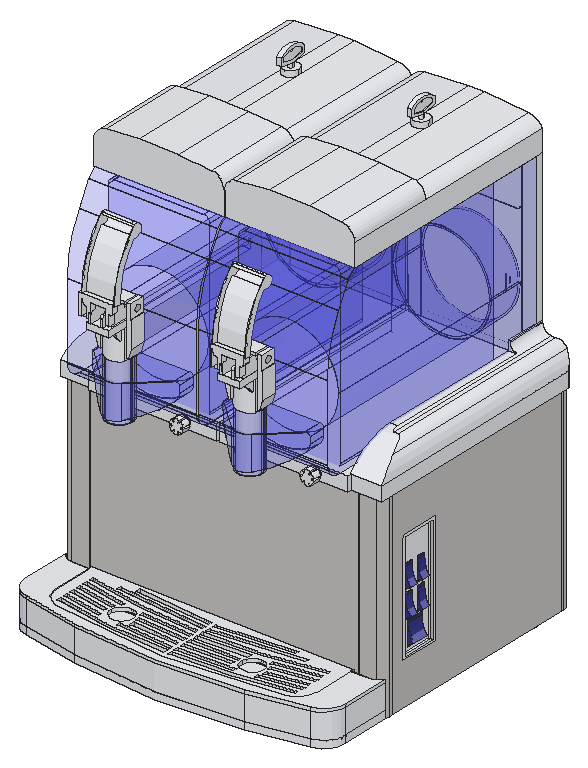
Revit family "QF_ELECTROLUXPROFESSIONAL_560100_SP2NewL", category Specialty Equipment, Revit 2018
Family settings
  Round Connector Dimension = Use Diameter
  Part Type = Normal
  Work Plane-Based = No
  Always vertical = Yes
  Cut with Voids When Loaded = No
  Shared = No
  Room Calculation Point = No
Parameters (values of type "Standard")
  Watts = 0 W
  Volts = 220 V
  URL Manufacturer = "http://professional.electrolux.com"
  URL = "http://professional.electrolux.com"
  Steam Supply Size = 0 mm
  Steam Supply Minimum Pressure = 0.0 Pa
  Steam Supply Maximum Pressure = 0.0 Pa
  Steam Pounds per Hour = 0
  Refrigeration Suction Line Size = 0 mm
  Refrigeration Liquid Line Size = 0 mm
  Refrigerant Compressor Remote = yes
  Manufacturer = "Electrolux Professional"
  Phase = 1
  Model = "SP2NewL"
  Length Actual = 447 mm  # constant formula
  Item Number = "560100"
  Hot Water Size = 0 mm
  Height Actual = 613 mm  # constant formula
  HP = "1 HP"
  Gas Size = 0 mm
  Gas KW = 0
  Gas Input Pressure = 0 W
  Direct Waste Size = 0 mm
  Description = "2x5 LITERS BOWL - FROZEN GRANITA AND FROZEN CREAM DISPENSER -  2 INSULATED BOWL - LED LIGHT"
  Depth Actual = 442 mm  # constant formula
  Cycle = 50 Hz
  Condensate Return Size = 0 mm
  Compressed Air Volume = 0.0 L/s
  Compressed Air Size = 0 mm
  Compressed Air Pressure = 0.0 Pa
  Cold Water Size = 0 mm
  Accessory = yes
Reference planes
  plane 1 "Center (Front/Back)": y = 0
  plane 2 "BASE": z = 0
  plane 3 "Center (Left/Right)": x = 0
  plane 4 "FEET": z = 14
  plane 5 "BACK": y = 212
  plane 6 "LEFT": x = -223.5
  plane 7 "RIGHT": x = 223.5
  plane 8: y = 169
  plane 9: y = -118.5
  plane 10 "BackButton": z = 362.798
  plane 11 "TOP": z = 640
  plane 12 "FRONT": y = -230
Forms (mm)
  Extrusion 1, solid, material "QF_Finishes_Rubber Black"
    sketch origin (-29, 0, 0) x (1, 0, 0) y (0, 1, 0)
      loop
        circle (-163.5, 169) r 12.5
    from 0 to 3
  Blend 2, solid
    base sketch origin (-29, 0, 0) x (1, 0, 0) y (0, 1, 0)
      loop
        circle (-163.5, 169) r 15.5
    top sketch origin (-29, 0, 0) x (1, 0, 0) y (0, 1, 0)
      loop
        circle (-163.5, 169) r 17
    from 3 to 14
  Extrusion 3, solid, material "QF_Finishes_Rubber Black"
    sketch origin (171, 0, 0) x (1, 0, 0) y (0, 1, 0)
      loop
        circle (21.5, 169) r 12.5
    from 0 to 3
  Blend 4, solid
    base sketch origin (171, 0, 0) x (1, 0, 0) y (0, 1, 0)
      loop
        circle (21.5, 169) r 15.5
    top sketch origin (171, 0, 0) x (1, 0, 0) y (0, 1, 0)
      loop
        circle (21.5, 169) r 17
    from 3 to 14
  Extrusion 5, solid, material "QF_Finishes_Rubber Black"
    sketch origin (171, -267.5, 0) x (1, 0, 0) y (0, 1, 0)
      loop
        circle (21.5, 186.5) r 12.5
    from 0 to 3
  Blend 6, solid
    base sketch origin (171, -267.5, 0) x (1, 0, 0) y (0, 1, 0)
      loop
        circle (21.5, 186.5) r 15.5
    top sketch origin (171, -267.5, 0) x (1, 0, 0) y (0, 1, 0)
      loop
        circle (21.5, 186.5) r 17
    from 3 to 14
  Extrusion 7, solid, material "QF_Finishes_Rubber Black"
    sketch origin (-29, -267.5, 0) x (1, 0, 0) y (0, 1, 0)
      loop
        circle (-163.5, 186.5) r 12.5
    from 0 to 3
  Blend 8, solid
    base sketch origin (-29, -267.5, 0) x (1, 0, 0) y (0, 1, 0)
      loop
        circle (-163.5, 186.5) r 15.5
    top sketch origin (-29, -267.5, 0) x (1, 0, 0) y (0, 1, 0)
      loop
        circle (-163.5, 186.5) r 17
    from 3 to 14
  Extrusion 9, solid, material "QF_Finishes_Stainless Steel"
    sketch origin (-198, 50, 14) x (-1, 0, 0) y (0, -1, 0)
      loop
        circle (-21.5, 81) r 10
    from 0 to -10
  Extrusion 10, solid, material "QF_Finishes_Stainless Steel"
    sketch origin (223.5, 0, 0) x (0, -1, 0) y (0, 0, 1)
      loop
        line (-195.256, 14) -> (96.764, 14) -> (96.764, 286) -> (-195.256, 286) -> (-195.256, 14)
      loop
        line (75.773, 225.287) -> (25.71, 225.287) -> (25.71, 75.287) -> (75.773, 75.287) -> (75.773, 225.287)
    from 6 to 3
  Extrusion 11, solid, material "QF_Finishes_Stainless Steel"
    sketch origin (-225.5, 0, 0) x (0, -1, 0) y (0, 0, -1)
      loop
        line (-195.256, -14) -> (-195.256, -286) -> (96.764, -286) -> (96.764, -14) -> (-195.256, -14)
    from 8 to 5
  Extrusion 12, solid, material "QF_Finishes_Stainless Steel"
    sketch origin (0, 0, 14) x (-1, 0, 0) y (0, -1, 0)
      loop
        line (-220.5, 100.829) -> (-220.5, 96.764) -> (-217.5, 96.764) -> (-217.5, 100.829)
        arc (-217.5, 100.829) -> (-215.45, 105.778) -> (-210.5, 107.829) r 7
        line (-210.5, 107.829) -> (-185.657, 107.829) -> (-185.657, 110.829) -> (-210.5, 110.829)
        arc (-210.5, 110.829) -> (-217.571, 107.9) -> (-220.5, 100.829) r 10
    from 0 to 272
  Extrusion 13, solid, material "QF_Finishes_Stainless Steel"
    sketch origin (0, 0, 14) x (1, 0, 0) y (0, 1, 0)
      loop
        arc (-220.5, -100.829) -> (-217.571, -107.9) -> (-210.5, -110.829) r 10
        line (-210.5, -110.829) -> (-185.657, -110.829) -> (-185.657, -107.829) -> (-210.5, -107.829)
        arc (-210.5, -107.829) -> (-215.45, -105.778) -> (-217.5, -100.829) r 7
        line (-217.5, -100.829) -> (-217.5, -96.764) -> (-220.5, -96.764) -> (-220.5, -100.829)
    from 0 to 272
  Extrusion 14, solid, material "QF_Finishes_Stainless Steel"
    sketch origin (0, 98.492, 14) x (-1, 0, 0) y (0, -1, 0)
      loop
        arc (-220.5, -100.829) -> (-217.571, -107.9) -> (-210.5, -110.829) r 10
        line (-210.5, -110.829) -> (-185.657, -110.829) -> (-185.657, -107.829) -> (-210.5, -107.829)
        arc (-210.5, -107.829) -> (-215.45, -105.778) -> (-217.5, -100.829) r 7
        line (-217.5, -100.829) -> (-217.5, -96.764) -> (-220.5, -96.764) -> (-220.5, -100.829)
    from 0 to 272
  Extrusion 15, solid, material "QF_Finishes_Stainless Steel"
    sketch origin (0, 98.492, 14) x (1, 0, 0) y (0, 1, 0)
      loop
        line (-220.5, 100.829) -> (-220.5, 96.764) -> (-217.5, 96.764) -> (-217.5, 100.829)
        arc (-217.5, 100.829) -> (-215.45, 105.778) -> (-210.5, 107.829) r 7
        line (-210.5, 107.829) -> (-185.657, 107.829) -> (-185.657, 110.829) -> (-210.5, 110.829)
        arc (-210.5, 110.829) -> (-217.571, 107.9) -> (-220.5, 100.829) r 10
    from 0 to 272
  Extrusion 16, solid, material "QF_Finishes_White"
    sketch origin (0, 0, 14) x (-1, 0, 0) y (0, -1, 0)
      loop
        line (185.657, -209.321) -> (185.657, -206.321) -> (-185.657, -206.321) -> (-185.657, -209.321) -> (185.657, -209.321)
    from 0 to 272
  Extrusion 17, solid, material "QF_Finishes_Stainless Steel"
    sketch origin (0, 0, 14) x (-1, 0, 0) y (0, -1, 0)
      loop
        line (185.657, 107.829) -> (185.657, 110.829) -> (-185.657, 110.829) -> (-185.657, 107.829) -> (185.657, 107.829)
    from 0 to 272
  Extrusion 18, solid, material "QF_Finishes_White"
    sketch origin (0, 0, 0) x (0, 1, 0) y (0, 0, 1)
      loop
        line (-77.773, 227.287) -> (-77.773, 73.287) -> (-23.71, 73.287) -> (-23.71, 227.287) -> (-77.773, 227.287)
    from 210.5 to 220.5
  Extrusion 19, void
    sketch origin (0, 0, 0) x (0, 1, 0) y (0, 0, 1)
      loop
        line (-75.773, 225.287) -> (-75.773, 75.287) -> (-25.71, 75.287) -> (-25.71, 225.287) -> (-75.773, 225.287)
    from 212.5 to 220.5
  Extrusion 20, solid, material "QF_Finishes_Rubber Black"
    sketch origin (0, -225, 0) x (-1, 0, 0) y (0, 0, 1)
      loop
        line (-212.5, 113.524) -> (-214.745, 113.524) -> (-214.745, 110.624)
        arc (-214.745, 110.624) -> (-216.502, 98.098) -> (-221.637, 86.539) r 45.529
        line (-221.637, 86.539) -> (-214.745, 83.471) -> (-214.745, 81.362) -> (-212.5, 81.362) -> (-212.5, 113.524)
    from 186 to 163
  Extrusion 21, solid, material "QF_Finishes_Rubber Black"
    sketch origin (0, -225, 0) x (-1, 0, 0) y (0, 0, 1)
      loop
        line (-212.5, 185.457) -> (-214.745, 185.457) -> (-214.745, 182.557)
        arc (-214.745, 182.557) -> (-216.502, 170.032) -> (-221.637, 158.473) r 45.529
        line (-221.637, 158.473) -> (-214.745, 155.405) -> (-214.745, 153.296) -> (-212.5, 153.296) -> (-212.5, 185.457)
    from 190 to 180
  Extrusion 22, solid, material "QF_Finishes_Rubber Black"
    sketch origin (0, -225, 0) x (-1, 0, 0) y (0, 0, 1)
      loop
        line (-212.5, 148.728) -> (-214.745, 148.728) -> (-214.745, 145.828)
        arc (-214.745, 145.828) -> (-216.502, 133.303) -> (-221.637, 121.744) r 45.529
        line (-221.637, 121.744) -> (-214.745, 118.675) -> (-214.745, 116.567) -> (-212.5, 116.567) -> (-212.5, 148.728)
    from 190 to 180
  Extrusion 23, solid, material "QF_Finishes_Rubber Black"
    sketch origin (0, 123.518, 0) x (-1, 0, 0) y (0, 0, -1)
      loop
        line (-212.5, -185.457) -> (-212.5, -153.296) -> (-214.745, -153.296) -> (-214.745, -155.405) -> (-221.637, -158.473)
        arc (-221.637, -158.473) -> (-216.502, -170.032) -> (-214.745, -182.557) r 45.529
        line (-214.745, -182.557) -> (-214.745, -185.457) -> (-212.5, -185.457)
    from 190 to 180
  Extrusion 24, solid, material "QF_Finishes_Rubber Black"
    sketch origin (0, 123.518, 0) x (-1, 0, 0) y (0, 0, -1)
      loop
        line (-212.5, -148.728) -> (-212.5, -116.567) -> (-214.745, -116.567) -> (-214.745, -118.675) -> (-221.637, -121.744)
        arc (-221.637, -121.744) -> (-216.502, -133.303) -> (-214.745, -145.828) r 45.529
        line (-214.745, -145.828) -> (-214.745, -148.728) -> (-212.5, -148.728)
    from 190 to 180
  Extrusion 25, solid, material "QF_Finishes_White"
    sketch origin (0, 0, 14) x (-1, 0, 0) y (0, -1, 0)
      loop
        arc (203.5, 118) -> (213.228, 115.474) -> (220.5, 108.536) r 20
        line (220.5, 108.536) -> (220.5, 176.53)
        arc (220.5, 176.53) -> (213.649, 195.612) -> (196.224, 205.979) r 30
        line (196.224, 205.979) -> (117.634, 221.255)
        arc (117.634, 221.255) -> (0, 230) -> (-117.634, 221.255) r 795.559
        line (-117.634, 221.255) -> (-196.224, 205.979)
        arc (-196.224, 205.979) -> (-213.649, 195.612) -> (-220.5, 176.53) r 30
        line (-220.5, 176.53) -> (-220.5, 108.536)
        arc (-220.5, 108.536) -> (-213.228, 115.474) -> (-203.5, 118) r 20
        line (-203.5, 118) -> (-180.657, 118) -> (-180.657, 174.118)
        arc (-180.657, 174.118) -> (-173.912, 193.071) -> (-156.71, 203.501) r 30
        arc (-156.71, 203.501) -> (0, 219.475) -> (156.71, 203.501) r 776.665
        arc (156.71, 203.501) -> (173.912, 193.071) -> (180.657, 174.118) r 30
        line (180.657, 174.118) -> (180.657, 118) -> (203.5, 118)
    from 0 to 49
  Extrusion 26, solid, material "QF_Finishes_White"
    sketch origin (0, 0, 14) x (-1, 0, 0) y (0, -1, 0)
      loop
        line (220.5, 108.536) -> (220.5, 176.53)
        arc (220.5, 176.53) -> (213.649, 195.612) -> (196.224, 205.979) r 30
        line (196.224, 205.979) -> (117.634, 221.255)
        arc (117.634, 221.255) -> (0, 230) -> (-117.634, 221.255) r 795.559
        line (-117.634, 221.255) -> (-196.224, 205.979)
        arc (-196.224, 205.979) -> (-213.649, 195.612) -> (-220.5, 176.53) r 30
        line (-220.5, 176.53) -> (-220.5, 108.536)
        arc (-220.5, 108.536) -> (-213.228, 115.474) -> (-203.5, 118) r 20
        line (-203.5, 118) -> (-180, 118) -> (-180, 113) -> (180, 113) -> (180, 118) -> (203.5, 118)
        arc (203.5, 118) -> (213.228, 115.474) -> (220.5, 108.536) r 20
    from 45 to 49
  Extrusion 27, solid, material "QF_Finishes_White"
    sketch origin (0, 0, 14) x (-1, 0, 0) y (0, -1, 0)
      loop
        line (220.5, 108.536) -> (220.5, 176.53)
        arc (220.5, 176.53) -> (213.649, 195.612) -> (196.224, 205.979) r 30
        line (196.224, 205.979) -> (117.634, 221.255)
        arc (117.634, 221.255) -> (0, 230) -> (-117.634, 221.255) r 795.559
        line (-117.634, 221.255) -> (-196.224, 205.979)
        arc (-196.224, 205.979) -> (-213.649, 195.612) -> (-220.5, 176.53) r 30
        line (-220.5, 176.53) -> (-220.5, 108.536)
        arc (-220.5, 108.536) -> (-213.228, 115.474) -> (-203.5, 118) r 20
        line (-203.5, 118) -> (-180, 118) -> (-180, 113) -> (180, 113) -> (180, 118) -> (203.5, 118)
        arc (203.5, 118) -> (213.228, 115.474) -> (220.5, 108.536) r 20
    from 0 to 10
  Extrusion 28, void
    sketch origin (0, 0, 14) x (-1, 0, 0) y (0, -1, 0)
      loop
        circle (90, 174.177) r 15.5
      loop
        arc (164.485, 193.398) -> (84.102, 206.528) -> (2.783, 211.117) r 772.106
        line (2.783, 211.117) -> (2.783, 205.117)
        arc (2.783, 205.117) -> (84.109, 200.491) -> (164.485, 187.256) r 766.106
        line (164.485, 187.256) -> (164.485, 193.398)
      loop
        line (2.783, 200.117) -> (2.783, 194.117)
        arc (2.783, 194.117) -> (41.62, 192.974) -> (80.347, 189.836) r 755.106
        line (80.347, 189.836) -> (80.347, 195.869)
        arc (80.347, 195.869) -> (41.619, 198.984) -> (2.783, 200.117) r 761.106
      loop
        line (2.783, 189.117) -> (2.783, 183.117)
        arc (2.783, 183.117) -> (36.168, 182.243) -> (69.481, 179.871) r 744.106
        line (69.481, 179.871) -> (69.481, 185.897)
        arc (69.481, 185.897) -> (36.168, 188.25) -> (2.783, 189.117) r 750.106
      loop
        line (2.783, 178.117) -> (2.783, 172.117)
        arc (2.783, 172.117) -> (37.054, 171.185) -> (71.244, 168.652) r 733.106
        line (71.244, 168.652) -> (71.244, 174.681)
        arc (71.244, 174.681) -> (37.054, 177.193) -> (2.783, 178.117) r 739.106
      loop
        line (2.783, 167.117) -> (2.783, 161.117)
        arc (2.783, 161.117) -> (38.826, 160.078) -> (74.773, 157.241) r 722.106
        line (74.773, 157.241) -> (74.773, 163.273)
        arc (74.773, 163.273) -> (38.825, 166.086) -> (2.783, 167.117) r 728.106
      loop
        line (2.783, 156.117) -> (2.783, 150.117)
        arc (2.783, 150.117) -> (84.188, 145.121) -> (164.485, 130.837) r 711.106
        line (164.485, 130.837) -> (164.485, 137.003)
        arc (164.485, 137.003) -> (84.178, 151.165) -> (2.783, 156.117) r 717.106
      loop
        line (107.446, 192.5) -> (107.446, 186.439)
        arc (107.446, 186.439) -> (136.066, 181.762) -> (164.485, 175.99) r 755.106
        line (164.485, 175.99) -> (164.485, 182.136)
        arc (164.485, 182.136) -> (136.064, 187.861) -> (107.446, 192.5) r 761.106
      loop
        line (110.037, 181.007) -> (110.037, 174.941)
        arc (110.037, 174.941) -> (137.356, 170.335) -> (164.485, 164.715) r 744.106
        line (164.485, 164.715) -> (164.485, 170.866)
        arc (164.485, 170.866) -> (137.355, 176.439) -> (110.037, 181.007) r 750.106
      loop
        line (107.446, 170.271) -> (107.446, 164.206)
        arc (107.446, 164.206) -> (136.072, 159.383) -> (164.485, 153.432) r 733.106
        line (164.485, 153.432) -> (164.485, 159.587)
        arc (164.485, 159.587) -> (136.071, 165.489) -> (107.446, 170.271) r 739.106
      loop
        line (101.843, 159.965) -> (101.843, 153.904)
        arc (101.843, 153.904) -> (133.294, 148.713) -> (164.485, 142.139) r 722.106
        line (164.485, 142.139) -> (164.485, 148.3)
        arc (164.485, 148.3) -> (133.292, 154.818) -> (101.843, 159.965) r 728.106
      loop
        line (2.763, 145.117) -> (2.763, 139.117)
        arc (2.763, 139.117) -> (66.368, 135.969) -> (129.424, 127.055) r 700.106
        line (129.424, 127.055) -> (129.424, 133.16)
        arc (129.424, 133.16) -> (66.364, 141.997) -> (2.763, 145.117) r 706.106
      loop
        line (2.72, 134.117) -> (2.72, 128.117)
        arc (2.72, 128.117) -> (56.552, 125.798) -> (110.037, 119.28) r 689.106
        line (110.037, 119.28) -> (110.037, 125.358)
        arc (110.037, 125.358) -> (56.549, 131.818) -> (2.72, 134.117) r 695.106
      loop
        circle (-90, 174.177) r 15.5
      loop
        line (-164.485, 193.398) -> (-164.485, 187.256)
        arc (-164.485, 187.256) -> (-84.109, 200.491) -> (-2.783, 205.117) r 766.106
        line (-2.783, 205.117) -> (-2.783, 211.117)
        arc (-2.783, 211.117) -> (-84.102, 206.528) -> (-164.485, 193.398) r 772.106
      loop
        arc (-2.783, 200.117) -> (-41.619, 198.984) -> (-80.347, 195.869) r 761.106
        line (-80.347, 195.869) -> (-80.347, 189.836)
        arc (-80.347, 189.836) -> (-41.62, 192.974) -> (-2.783, 194.117) r 755.106
        line (-2.783, 194.117) -> (-2.783, 200.117)
      loop
        arc (-2.783, 189.117) -> (-36.168, 188.25) -> (-69.481, 185.897) r 750.106
        line (-69.481, 185.897) -> (-69.481, 179.871)
        arc (-69.481, 179.871) -> (-36.168, 182.243) -> (-2.783, 183.117) r 744.106
        line (-2.783, 183.117) -> (-2.783, 189.117)
      loop
        arc (-2.783, 178.117) -> (-37.054, 177.193) -> (-71.244, 174.681) r 739.106
        line (-71.244, 174.681) -> (-71.244, 168.652)
        arc (-71.244, 168.652) -> (-37.054, 171.185) -> (-2.783, 172.117) r 733.106
        line (-2.783, 172.117) -> (-2.783, 178.117)
      loop
        arc (-2.783, 167.117) -> (-38.825, 166.086) -> (-74.773, 163.273) r 728.106
        line (-74.773, 163.273) -> (-74.773, 157.241)
        arc (-74.773, 157.241) -> (-38.826, 160.078) -> (-2.783, 161.117) r 722.106
        line (-2.783, 161.117) -> (-2.783, 167.117)
      loop
        arc (-2.783, 156.117) -> (-84.178, 151.165) -> (-164.485, 137.003) r 717.106
        line (-164.485, 137.003) -> (-164.485, 130.837)
        arc (-164.485, 130.837) -> (-84.188, 145.121) -> (-2.783, 150.117) r 711.106
        line (-2.783, 150.117) -> (-2.783, 156.117)
      loop
        arc (-107.446, 192.5) -> (-136.064, 187.861) -> (-164.485, 182.136) r 761.106
        line (-164.485, 182.136) -> (-164.485, 175.99)
        arc (-164.485, 175.99) -> (-136.066, 181.762) -> (-107.446, 186.439) r 755.106
        line (-107.446, 186.439) -> (-107.446, 192.5)
      loop
        arc (-110.037, 181.007) -> (-137.355, 176.439) -> (-164.485, 170.866) r 750.106
        line (-164.485, 170.866) -> (-164.485, 164.715)
        arc (-164.485, 164.715) -> (-137.356, 170.335) -> (-110.037, 174.941) r 744.106
        line (-110.037, 174.941) -> (-110.037, 181.007)
      loop
        arc (-107.446, 170.271) -> (-136.071, 165.489) -> (-164.485, 159.587) r 739.106
        line (-164.485, 159.587) -> (-164.485, 153.432)
        arc (-164.485, 153.432) -> (-136.072, 159.383) -> (-107.446, 164.206) r 733.106
        line (-107.446, 164.206) -> (-107.446, 170.271)
      loop
        arc (-101.843, 159.965) -> (-133.292, 154.818) -> (-164.485, 148.3) r 728.106
        line (-164.485, 148.3) -> (-164.485, 142.139)
        arc (-164.485, 142.139) -> (-133.294, 148.713) -> (-101.843, 153.904) r 722.106
        line (-101.843, 153.904) -> (-101.843, 159.965)
      loop
        arc (-2.763, 145.117) -> (-66.364, 141.997) -> (-129.424, 133.16) r 706.106
        line (-129.424, 133.16) -> (-129.424, 127.055)
        arc (-129.424, 127.055) -> (-66.368, 135.969) -> (-2.763, 139.117) r 700.106
        line (-2.763, 139.117) -> (-2.763, 145.117)
      loop
        arc (-2.72, 134.117) -> (-56.549, 131.818) -> (-110.037, 125.358) r 695.106
        line (-110.037, 125.358) -> (-110.037, 119.28)
        arc (-110.037, 119.28) -> (-56.552, 125.798) -> (-2.72, 128.117) r 689.106
        line (-2.72, 128.117) -> (-2.72, 134.117)
    from 35.454 to 54.996
  Extrusion 29, solid, material "QF_Clearances", detail levels coarse
    sketch origin (888.173, -11.659, 0) x (1, 0, 0) y (0, 1, 0)
      loop
        line (-1111.81, -218.341) -> (-1111.81, 223.659) -> (-664.81, 223.659) -> (-664.81, -218.341) -> (-464.81, -218.341) -> (-464.81, 423.659) -> (-1311.81, 423.659) -> (-1311.81, -218.341) -> (-1111.81, -218.341)
    from 0 to 640
Cuts and joins
  Extrusion 19 cuts Extrusion 18
  Extrusion 28 cuts Extrusion 26
  Extrusion 28 cuts Extrusion 27
Lines and regions (mm)
  Split face 1
    outline origin (220.5, 154.141, 0) x (0, -1, 0) y (0, 0, 1)
      loop
        line (54.641, 200.213) -> (-10.359, 200.213) -> (-14.859, 192.213) -> (59.141, 192.213) -> (54.641, 200.213)
  Split face 2
    outline origin (220.5, 154.141, -10) x (0, -1, 0) y (0, 0, 1)
      loop
        line (54.641, 200.213) -> (-10.359, 200.213) -> (-14.859, 192.213) -> (59.141, 192.213) -> (54.641, 200.213)
  Split face 3
    outline origin (220.5, 154.141, -20) x (0, -1, 0) y (0, 0, 1)
      loop
        line (54.641, 200.213) -> (-10.359, 200.213) -> (-14.859, 192.213) -> (59.141, 192.213) -> (54.641, 200.213)
  Split face 4
    outline origin (220.5, 154.141, -30) x (0, -1, 0) y (0, 0, 1)
      loop
        line (54.641, 200.213) -> (-10.359, 200.213) -> (-14.859, 192.213) -> (59.141, 192.213) -> (54.641, 200.213)
  Split face 5
    outline origin (220.5, 154.141, -40) x (0, -1, 0) y (0, 0, 1)
      loop
        line (54.641, 200.213) -> (-10.359, 200.213) -> (-14.859, 192.213) -> (59.141, 192.213) -> (54.641, 200.213)
  Split face 6
    outline origin (220.5, 154.141, -50) x (0, -1, 0) y (0, 0, 1)
      loop
        line (54.641, 200.213) -> (-10.359, 200.213) -> (-14.859, 192.213) -> (59.141, 192.213) -> (54.641, 200.213)
  Split face 7
    outline origin (220.5, 154.141, -60) x (0, -1, 0) y (0, 0, 1)
      loop
        line (54.641, 200.213) -> (-10.359, 200.213) -> (-14.859, 192.213) -> (59.141, 192.213) -> (54.641, 200.213)
  Split face 8
    outline origin (220.5, 154.141, -70) x (0, -1, 0) y (0, 0, 1)
      loop
        line (54.641, 200.213) -> (-10.359, 200.213) -> (-14.859, 192.213) -> (59.141, 192.213) -> (54.641, 200.213)
  Split face 9
    outline origin (220.5, 154.141, -80) x (0, -1, 0) y (0, 0, 1)
      loop
        line (54.641, 200.213) -> (-10.359, 200.213) -> (-14.859, 192.213) -> (59.141, 192.213) -> (54.641, 200.213)
  Split face 10
    outline origin (220.5, 154.141, -90) x (0, -1, 0) y (0, 0, 1)
      loop
        line (54.641, 200.213) -> (-10.359, 200.213) -> (-14.859, 192.213) -> (59.141, 192.213) -> (54.641, 200.213)
  Split face 11
    outline origin (220.5, 154.141, -100) x (0, -1, 0) y (0, 0, 1)
      loop
        line (54.641, 200.213) -> (-10.359, 200.213) -> (-14.859, 192.213) -> (59.141, 192.213) -> (54.641, 200.213)
  Split face 12
    outline origin (220.5, 154.141, -110) x (0, -1, 0) y (0, 0, 1)
      loop
        line (54.641, 200.213) -> (-10.359, 200.213) -> (-14.859, 192.213) -> (59.141, 192.213) -> (54.641, 200.213)
  Split face 13
    outline origin (220.5, 154.141, -120) x (0, -1, 0) y (0, 0, 1)
      loop
        line (54.641, 200.213) -> (-10.359, 200.213) -> (-14.859, 192.213) -> (59.141, 192.213) -> (54.641, 200.213)
  Split face 14
    outline origin (220.5, 154.141, -130) x (0, -1, 0) y (0, 0, 1)
      loop
        line (54.641, 200.213) -> (-10.359, 200.213) -> (-14.859, 192.213) -> (59.141, 192.213) -> (54.641, 200.213)
  Split face 15
    outline origin (220.5, 154.141, -140) x (0, -1, 0) y (0, 0, 1)
      loop
        line (54.641, 200.213) -> (-10.359, 200.213) -> (-14.859, 192.213) -> (59.141, 192.213) -> (54.641, 200.213)
  Split face 16
    outline origin (220.5, 154.141, -150) x (0, -1, 0) y (0, 0, 1)
      loop
        line (54.641, 200.213) -> (-10.359, 200.213) -> (-14.859, 192.213) -> (59.141, 192.213) -> (54.641, 200.213)
  Split face 17
    outline origin (220.5, 154.141, 70) x (0, -1, 0) y (0, 0, 1)
      loop
        line (54.641, 200.213) -> (-10.359, 200.213) -> (-14.859, 192.213) -> (59.141, 192.213) -> (54.641, 200.213)
  Split face 18
    outline origin (220.5, 154.141, 60) x (0, -1, 0) y (0, 0, 1)
      loop
        line (54.641, 200.213) -> (-10.359, 200.213) -> (-14.859, 192.213) -> (59.141, 192.213) -> (54.641, 200.213)
  Split face 19
    outline origin (220.5, 154.141, 50) x (0, -1, 0) y (0, 0, 1)
      loop
        line (54.641, 200.213) -> (-10.359, 200.213) -> (-14.859, 192.213) -> (59.141, 192.213) -> (54.641, 200.213)
  Split face 20
    outline origin (220.5, 154.141, 40) x (0, -1, 0) y (0, 0, 1)
      loop
        line (54.641, 200.213) -> (-10.359, 200.213) -> (-14.859, 192.213) -> (59.141, 192.213) -> (54.641, 200.213)
  Split face 21
    outline origin (220.5, 154.141, 30) x (0, -1, 0) y (0, 0, 1)
      loop
        line (54.641, 200.213) -> (-10.359, 200.213) -> (-14.859, 192.213) -> (59.141, 192.213) -> (54.641, 200.213)
  Split face 22
    outline origin (220.5, 154.141, 20) x (0, -1, 0) y (0, 0, 1)
      loop
        line (54.641, 200.213) -> (-10.359, 200.213) -> (-14.859, 192.213) -> (59.141, 192.213) -> (54.641, 200.213)
  Split face 23
    outline origin (220.5, 154.141, 10) x (0, -1, 0) y (0, 0, 1)
      loop
        line (54.641, 200.213) -> (-10.359, 200.213) -> (-14.859, 192.213) -> (59.141, 192.213) -> (54.641, 200.213)
  Split face 24
    outline origin (-220.5, -2.859, 0) x (0, -1, 0) y (0, 0, -1)
      loop
        line (-30.859, -262.213) -> (-104.859, -262.213) -> (-100.359, -270.213) -> (-35.359, -270.213) -> (-30.859, -262.213)
  Split face 25
    outline origin (-220.5, -2.859, 0) x (0, -1, 0) y (0, 0, -1)
      loop
        line (-30.859, -252.213) -> (-104.859, -252.213) -> (-100.359, -260.213) -> (-35.359, -260.213) -> (-30.859, -252.213)
  Split face 26
    outline origin (-220.5, -2.859, 0) x (0, -1, 0) y (0, 0, -1)
      loop
        line (-30.859, -242.213) -> (-104.859, -242.213) -> (-100.359, -250.213) -> (-35.359, -250.213) -> (-30.859, -242.213)
  Split face 27
    outline origin (-220.5, -2.859, -20) x (0, -1, 0) y (0, 0, -1)
      loop
        line (-30.859, -252.213) -> (-104.859, -252.213) -> (-100.359, -260.213) -> (-35.359, -260.213) -> (-30.859, -252.213)
  Split face 28
    outline origin (-220.5, -2.859, -20) x (0, -1, 0) y (0, 0, -1)
      loop
        line (-30.859, -242.213) -> (-104.859, -242.213) -> (-100.359, -250.213) -> (-35.359, -250.213) -> (-30.859, -242.213)
  Split face 29
    outline origin (-220.5, -2.859, -40) x (0, -1, 0) y (0, 0, -1)
      loop
        line (-30.859, -252.213) -> (-104.859, -252.213) -> (-100.359, -260.213) -> (-35.359, -260.213) -> (-30.859, -252.213)
  Split face 30
    outline origin (-220.5, -2.859, -40) x (0, -1, 0) y (0, 0, -1)
      loop
        line (-30.859, -242.213) -> (-104.859, -242.213) -> (-100.359, -250.213) -> (-35.359, -250.213) -> (-30.859, -242.213)
  Split face 31
    outline origin (-220.5, -2.859, -60) x (0, -1, 0) y (0, 0, -1)
      loop
        line (-30.859, -252.213) -> (-104.859, -252.213) -> (-100.359, -260.213) -> (-35.359, -260.213) -> (-30.859, -252.213)
  Split face 32
    outline origin (-220.5, -2.859, -60) x (0, -1, 0) y (0, 0, -1)
      loop
        line (-30.859, -242.213) -> (-104.859, -242.213) -> (-100.359, -250.213) -> (-35.359, -250.213) -> (-30.859, -242.213)
  Split face 33
    outline origin (-220.5, -2.859, -80) x (0, -1, 0) y (0, 0, -1)
      loop
        line (-30.859, -252.213) -> (-104.859, -252.213) -> (-100.359, -260.213) -> (-35.359, -260.213) -> (-30.859, -252.213)
  Split face 34
    outline origin (-220.5, -2.859, -80) x (0, -1, 0) y (0, 0, -1)
      loop
        line (-30.859, -242.213) -> (-104.859, -242.213) -> (-100.359, -250.213) -> (-35.359, -250.213) -> (-30.859, -242.213)
  Split face 35
    outline origin (-220.5, -2.859, -100) x (0, -1, 0) y (0, 0, -1)
      loop
        line (-30.859, -252.213) -> (-104.859, -252.213) -> (-100.359, -260.213) -> (-35.359, -260.213) -> (-30.859, -252.213)
  Split face 36
    outline origin (-220.5, -2.859, -100) x (0, -1, 0) y (0, 0, -1)
      loop
        line (-30.859, -242.213) -> (-104.859, -242.213) -> (-100.359, -250.213) -> (-35.359, -250.213) -> (-30.859, -242.213)
  Split face 37
    outline origin (-220.5, -2.859, -120) x (0, -1, 0) y (0, 0, -1)
      loop
        line (-30.859, -252.213) -> (-104.859, -252.213) -> (-100.359, -260.213) -> (-35.359, -260.213) -> (-30.859, -252.213)
  Split face 38
    outline origin (-220.5, -2.859, -120) x (0, -1, 0) y (0, 0, -1)
      loop
        line (-30.859, -242.213) -> (-104.859, -242.213) -> (-100.359, -250.213) -> (-35.359, -250.213) -> (-30.859, -242.213)
  Split face 39
    outline origin (-220.5, -2.859, -140) x (0, -1, 0) y (0, 0, -1)
      loop
        line (-30.859, -252.213) -> (-104.859, -252.213) -> (-100.359, -260.213) -> (-35.359, -260.213) -> (-30.859, -252.213)
  Split face 40
    outline origin (-220.5, -2.859, -140) x (0, -1, 0) y (0, 0, -1)
      loop
        line (-30.859, -242.213) -> (-104.859, -242.213) -> (-100.359, -250.213) -> (-35.359, -250.213) -> (-30.859, -242.213)
  Split face 41
    outline origin (-220.5, -2.859, -160) x (0, -1, 0) y (0, 0, -1)
      loop
        line (-30.859, -252.213) -> (-104.859, -252.213) -> (-100.359, -260.213) -> (-35.359, -260.213) -> (-30.859, -252.213)
  Split face 42
    outline origin (-220.5, -2.859, -160) x (0, -1, 0) y (0, 0, -1)
      loop
        line (-30.859, -242.213) -> (-104.859, -242.213) -> (-100.359, -250.213) -> (-35.359, -250.213) -> (-30.859, -242.213)
  Split face 43
    outline origin (-220.5, -2.859, -180) x (0, -1, 0) y (0, 0, -1)
      loop
        line (-30.859, -252.213) -> (-104.859, -252.213) -> (-100.359, -260.213) -> (-35.359, -260.213) -> (-30.859, -252.213)
  Split face 44
    outline origin (-220.5, -2.859, -180) x (0, -1, 0) y (0, 0, -1)
      loop
        line (-30.859, -242.213) -> (-104.859, -242.213) -> (-100.359, -250.213) -> (-35.359, -250.213) -> (-30.859, -242.213)
  Split face 45
    outline origin (-220.5, -2.859, -200) x (0, -1, 0) y (0, 0, -1)
      loop
        line (-30.859, -252.213) -> (-104.859, -252.213) -> (-100.359, -260.213) -> (-35.359, -260.213) -> (-30.859, -252.213)
  Split face 46
    outline origin (-220.5, -2.859, -200) x (0, -1, 0) y (0, 0, -1)
      loop
        line (-30.859, -242.213) -> (-104.859, -242.213) -> (-100.359, -250.213) -> (-35.359, -250.213) -> (-30.859, -242.213)
  Split face 47
    outline origin (-220.5, -92.859, 0) x (0, -1, 0) y (0, 0, -1)
      loop
        line (-30.859, -262.213) -> (-104.859, -262.213) -> (-100.359, -270.213) -> (-35.359, -270.213) -> (-30.859, -262.213)
  Split face 48
    outline origin (-220.5, -92.859, 0) x (0, -1, 0) y (0, 0, -1)
      loop
        line (-30.859, -252.213) -> (-104.859, -252.213) -> (-100.359, -260.213) -> (-35.359, -260.213) -> (-30.859, -252.213)
  Split face 49
    outline origin (-220.5, -92.859, 0) x (0, -1, 0) y (0, 0, -1)
      loop
        line (-30.859, -242.213) -> (-104.859, -242.213) -> (-100.359, -250.213) -> (-35.359, -250.213) -> (-30.859, -242.213)
  Split face 50
    outline origin (-220.5, -92.859, -20) x (0, -1, 0) y (0, 0, -1)
      loop
        line (-30.859, -252.213) -> (-104.859, -252.213) -> (-100.359, -260.213) -> (-35.359, -260.213) -> (-30.859, -252.213)
  Split face 51
    outline origin (-220.5, -92.859, -20) x (0, -1, 0) y (0, 0, -1)
      loop
        line (-30.859, -242.213) -> (-104.859, -242.213) -> (-100.359, -250.213) -> (-35.359, -250.213) -> (-30.859, -242.213)
  Split face 52
    outline origin (-220.5, -92.859, -40) x (0, -1, 0) y (0, 0, -1)
      loop
        line (-30.859, -252.213) -> (-104.859, -252.213) -> (-100.359, -260.213) -> (-35.359, -260.213) -> (-30.859, -252.213)
  Split face 53
    outline origin (-220.5, -92.859, -40) x (0, -1, 0) y (0, 0, -1)
      loop
        line (-30.859, -242.213) -> (-104.859, -242.213) -> (-100.359, -250.213) -> (-35.359, -250.213) -> (-30.859, -242.213)
  Split face 54
    outline origin (-220.5, -92.859, -60) x (0, -1, 0) y (0, 0, -1)
      loop
        line (-30.859, -252.213) -> (-104.859, -252.213) -> (-100.359, -260.213) -> (-35.359, -260.213) -> (-30.859, -252.213)
  Split face 55
    outline origin (-220.5, -92.859, -60) x (0, -1, 0) y (0, 0, -1)
      loop
        line (-30.859, -242.213) -> (-104.859, -242.213) -> (-100.359, -250.213) -> (-35.359, -250.213) -> (-30.859, -242.213)
  Split face 56
    outline origin (-220.5, -92.859, -80) x (0, -1, 0) y (0, 0, -1)
      loop
        line (-30.859, -252.213) -> (-104.859, -252.213) -> (-100.359, -260.213) -> (-35.359, -260.213) -> (-30.859, -252.213)
  Split face 57
    outline origin (-220.5, -92.859, -80) x (0, -1, 0) y (0, 0, -1)
      loop
        line (-30.859, -242.213) -> (-104.859, -242.213) -> (-100.359, -250.213) -> (-35.359, -250.213) -> (-30.859, -242.213)
  Split face 58
    outline origin (-220.5, -92.859, -100) x (0, -1, 0) y (0, 0, -1)
      loop
        line (-30.859, -252.213) -> (-104.859, -252.213) -> (-100.359, -260.213) -> (-35.359, -260.213) -> (-30.859, -252.213)
  Split face 59
    outline origin (-220.5, -92.859, -100) x (0, -1, 0) y (0, 0, -1)
      loop
        line (-30.859, -242.213) -> (-104.859, -242.213) -> (-100.359, -250.213) -> (-35.359, -250.213) -> (-30.859, -242.213)
  Split face 60
    outline origin (-220.5, -92.859, -120) x (0, -1, 0) y (0, 0, -1)
      loop
        line (-30.859, -252.213) -> (-104.859, -252.213) -> (-100.359, -260.213) -> (-35.359, -260.213) -> (-30.859, -252.213)
  Split face 61
    outline origin (-220.5, -92.859, -120) x (0, -1, 0) y (0, 0, -1)
      loop
        line (-30.859, -242.213) -> (-104.859, -242.213) -> (-100.359, -250.213) -> (-35.359, -250.213) -> (-30.859, -242.213)
  Split face 62
    outline origin (-220.5, -92.859, -140) x (0, -1, 0) y (0, 0, -1)
      loop
        line (-30.859, -252.213) -> (-104.859, -252.213) -> (-100.359, -260.213) -> (-35.359, -260.213) -> (-30.859, -252.213)
  Split face 63
    outline origin (-220.5, -92.859, -140) x (0, -1, 0) y (0, 0, -1)
      loop
        line (-30.859, -242.213) -> (-104.859, -242.213) -> (-100.359, -250.213) -> (-35.359, -250.213) -> (-30.859, -242.213)
  Split face 64
    outline origin (-220.5, -92.859, -160) x (0, -1, 0) y (0, 0, -1)
      loop
        line (-30.859, -252.213) -> (-104.859, -252.213) -> (-100.359, -260.213) -> (-35.359, -260.213) -> (-30.859, -252.213)
  Split face 65
    outline origin (-220.5, -92.859, -160) x (0, -1, 0) y (0, 0, -1)
      loop
        line (-30.859, -242.213) -> (-104.859, -242.213) -> (-100.359, -250.213) -> (-35.359, -250.213) -> (-30.859, -242.213)
  Split face 66
    outline origin (-220.5, -92.859, -180) x (0, -1, 0) y (0, 0, -1)
      loop
        line (-30.859, -252.213) -> (-104.859, -252.213) -> (-100.359, -260.213) -> (-35.359, -260.213) -> (-30.859, -252.213)
  Split face 67
    outline origin (-220.5, -92.859, -180) x (0, -1, 0) y (0, 0, -1)
      loop
        line (-30.859, -242.213) -> (-104.859, -242.213) -> (-100.359, -250.213) -> (-35.359, -250.213) -> (-30.859, -242.213)
  Split face 68
    outline origin (-220.5, -92.859, -200) x (0, -1, 0) y (0, 0, -1)
      loop
        line (-30.859, -252.213) -> (-104.859, -252.213) -> (-100.359, -260.213) -> (-35.359, -260.213) -> (-30.859, -252.213)
  Split face 69
    outline origin (-220.5, -92.859, -200) x (0, -1, 0) y (0, 0, -1)
      loop
        line (-30.859, -242.213) -> (-104.859, -242.213) -> (-100.359, -250.213) -> (-35.359, -250.213) -> (-30.859, -242.213)
  Split face 70
    outline origin (-183.458, 209.321, 14) x (1, 0, 0) y (0, 0, -1)
      loop
        line (19.909, -204.404) -> (29.909, -204.404) -> (29.909, -141.98) -> (19.909, -141.98) -> (19.909, -204.404)
  Split face 71
    outline origin (-170.409, 209.321, 14) x (1, 0, 0) y (0, 0, -1)
      loop
        line (19.909, -204.404) -> (29.909, -204.404) -> (29.909, -141.98) -> (19.909, -141.98) -> (19.909, -204.404)
  Split face 72
    outline origin (-157.409, 209.321, 14) x (1, 0, 0) y (0, 0, -1)
      loop
        line (19.909, -204.404) -> (29.909, -204.404) -> (29.909, -141.98) -> (19.909, -141.98) -> (19.909, -204.404)
  Split face 73
    outline origin (-144.409, 209.321, 14) x (1, 0, 0) y (0, 0, -1)
      loop
        line (19.909, -204.404) -> (29.909, -204.404) -> (29.909, -141.98) -> (19.909, -141.98) -> (19.909, -204.404)
  Split face 74
    outline origin (-131.409, 209.321, 14) x (1, 0, 0) y (0, 0, -1)
      loop
        line (19.909, -204.404) -> (29.909, -204.404) -> (29.909, -141.98) -> (19.909, -141.98) -> (19.909, -204.404)
  Split face 75
    outline origin (-118.409, 209.321, 14) x (1, 0, 0) y (0, 0, -1)
      loop
        line (19.909, -204.404) -> (29.909, -204.404) -> (29.909, -141.98) -> (19.909, -141.98) -> (19.909, -204.404)
  Split face 76
    outline origin (-3.542, 209.321, 14) x (-1, 0, 0) y (0, 0, 1)
      loop
        line (-165.091, 204.404) -> (-165.091, 141.98) -> (-155.091, 141.98) -> (-155.091, 204.404) -> (-165.091, 204.404)
  Split face 77
    outline origin (-16.591, 209.321, 14) x (-1, 0, 0) y (0, 0, 1)
      loop
        line (-165.091, 204.404) -> (-165.091, 141.98) -> (-155.091, 141.98) -> (-155.091, 204.404) -> (-165.091, 204.404)
  Split face 78
    outline origin (-29.591, 209.321, 14) x (-1, 0, 0) y (0, 0, 1)
      loop
        line (-165.091, 204.404) -> (-165.091, 141.98) -> (-155.091, 141.98) -> (-155.091, 204.404) -> (-165.091, 204.404)
  Split face 79
    outline origin (-42.591, 209.321, 14) x (-1, 0, 0) y (0, 0, 1)
      loop
        line (-165.091, 204.404) -> (-165.091, 141.98) -> (-155.091, 141.98) -> (-155.091, 204.404) -> (-165.091, 204.404)
  Split face 80
    outline origin (-55.591, 209.321, 14) x (-1, 0, 0) y (0, 0, 1)
      loop
        line (-165.091, 204.404) -> (-165.091, 141.98) -> (-155.091, 141.98) -> (-155.091, 204.404) -> (-165.091, 204.404)
  Split face 81
    outline origin (-183.458, 209.321, -53) x (1, 0, 0) y (0, 0, -1)
      loop
        line (19.909, -204.404) -> (29.909, -204.404) -> (29.909, -141.98) -> (19.909, -141.98) -> (19.909, -204.404)
  Split face 82
    outline origin (-170.409, 209.321, -53) x (1, 0, 0) y (0, 0, -1)
      loop
        line (19.909, -204.404) -> (29.909, -204.404) -> (29.909, -141.98) -> (19.909, -141.98) -> (19.909, -204.404)
  Split face 83
    outline origin (-157.409, 209.321, -53) x (1, 0, 0) y (0, 0, -1)
      loop
        line (19.909, -204.404) -> (29.909, -204.404) -> (29.909, -141.98) -> (19.909, -141.98) -> (19.909, -204.404)
  Split face 84
    outline origin (-144.409, 209.321, -53) x (1, 0, 0) y (0, 0, -1)
      loop
        line (19.909, -204.404) -> (29.909, -204.404) -> (29.909, -141.98) -> (19.909, -141.98) -> (19.909, -204.404)
  Split face 85
    outline origin (-131.409, 209.321, -53) x (1, 0, 0) y (0, 0, -1)
      loop
        line (19.909, -204.404) -> (29.909, -204.404) -> (29.909, -141.98) -> (19.909, -141.98) -> (19.909, -204.404)
  Split face 86
    outline origin (-118.409, 209.321, -53) x (1, 0, 0) y (0, 0, -1)
      loop
        line (19.909, -204.404) -> (29.909, -204.404) -> (29.909, -141.98) -> (19.909, -141.98) -> (19.909, -204.404)
  Split face 87
    outline origin (-3.542, 209.321, -53) x (-1, 0, 0) y (0, 0, 1)
      loop
        line (-165.091, 204.404) -> (-165.091, 141.98) -> (-155.091, 141.98) -> (-155.091, 204.404) -> (-165.091, 204.404)
  Split face 88
    outline origin (-16.591, 209.321, -53) x (-1, 0, 0) y (0, 0, 1)
      loop
        line (-165.091, 204.404) -> (-165.091, 141.98) -> (-155.091, 141.98) -> (-155.091, 204.404) -> (-165.091, 204.404)
  Split face 89
    outline origin (-29.591, 209.321, -53) x (-1, 0, 0) y (0, 0, 1)
      loop
        line (-165.091, 204.404) -> (-165.091, 141.98) -> (-155.091, 141.98) -> (-155.091, 204.404) -> (-165.091, 204.404)
  Split face 90
    outline origin (-42.591, 209.321, -53) x (-1, 0, 0) y (0, 0, 1)
      loop
        line (-165.091, 204.404) -> (-165.091, 141.98) -> (-155.091, 141.98) -> (-155.091, 204.404) -> (-165.091, 204.404)
  Split face 91
    outline origin (-55.591, 209.321, -53) x (-1, 0, 0) y (0, 0, 1)
      loop
        line (-165.091, 204.404) -> (-165.091, 141.98) -> (-155.091, 141.98) -> (-155.091, 204.404) -> (-165.091, 204.404)
  Split face 92
    outline origin (-183.458, 209.321, -120) x (1, 0, 0) y (0, 0, -1)
      loop
        line (19.909, -204.404) -> (29.909, -204.404) -> (29.909, -141.98) -> (19.909, -141.98) -> (19.909, -204.404)
  Split face 93
    outline origin (-170.409, 209.321, -120) x (1, 0, 0) y (0, 0, -1)
      loop
        line (19.909, -204.404) -> (29.909, -204.404) -> (29.909, -141.98) -> (19.909, -141.98) -> (19.909, -204.404)
  Split face 94
    outline origin (-157.409, 209.321, -120) x (1, 0, 0) y (0, 0, -1)
      loop
        line (19.909, -204.404) -> (29.909, -204.404) -> (29.909, -141.98) -> (19.909, -141.98) -> (19.909, -204.404)
  Split face 95
    outline origin (-144.409, 209.321, -120) x (1, 0, 0) y (0, 0, -1)
      loop
        line (19.909, -204.404) -> (29.909, -204.404) -> (29.909, -141.98) -> (19.909, -141.98) -> (19.909, -204.404)
  Split face 96
    outline origin (-131.409, 209.321, -120) x (1, 0, 0) y (0, 0, -1)
      loop
        line (19.909, -204.404) -> (29.909, -204.404) -> (29.909, -141.98) -> (19.909, -141.98) -> (19.909, -204.404)
  Split face 97
    outline origin (-118.409, 209.321, -120) x (1, 0, 0) y (0, 0, -1)
      loop
        line (19.909, -204.404) -> (29.909, -204.404) -> (29.909, -141.98) -> (19.909, -141.98) -> (19.909, -204.404)
  Split face 98
    outline origin (-3.542, 209.321, -120) x (-1, 0, 0) y (0, 0, 1)
      loop
        line (-165.091, 204.404) -> (-165.091, 141.98) -> (-155.091, 141.98) -> (-155.091, 204.404) -> (-165.091, 204.404)
  Split face 99
    outline origin (-16.591, 209.321, -120) x (-1, 0, 0) y (0, 0, 1)
      loop
        line (-165.091, 204.404) -> (-165.091, 141.98) -> (-155.091, 141.98) -> (-155.091, 204.404) -> (-165.091, 204.404)
  Split face 100
    outline origin (-29.591, 209.321, -120) x (-1, 0, 0) y (0, 0, 1)
      loop
        line (-165.091, 204.404) -> (-165.091, 141.98) -> (-155.091, 141.98) -> (-155.091, 204.404) -> (-165.091, 204.404)
  Split face 101
    outline origin (-42.591, 209.321, -120) x (-1, 0, 0) y (0, 0, 1)
      loop
        line (-165.091, 204.404) -> (-165.091, 141.98) -> (-155.091, 141.98) -> (-155.091, 204.404) -> (-165.091, 204.404)
  Split face 102
    outline origin (-55.591, 209.321, -120) x (-1, 0, 0) y (0, 0, 1)
      loop
        line (-165.091, 204.404) -> (-165.091, 141.98) -> (-155.091, 141.98) -> (-155.091, 204.404) -> (-165.091, 204.404)
  Split face 103
    outline origin (-68.792, 209.321, 14) x (-1, 0, 0) y (0, 0, 1)
      loop
        line (-165.091, 204.404) -> (-165.091, 141.98) -> (-155.091, 141.98) -> (-155.091, 204.404) -> (-165.091, 204.404)
  Split face 104
    outline origin (-81.841, 209.321, 14) x (-1, 0, 0) y (0, 0, 1)
      loop
        line (-165.091, 204.404) -> (-165.091, 141.98) -> (-155.091, 141.98) -> (-155.091, 204.404) -> (-165.091, 204.404)
  Split face 105
    outline origin (-94.841, 209.321, 14) x (-1, 0, 0) y (0, 0, 1)
      loop
        line (-165.091, 204.404) -> (-165.091, 141.98) -> (-155.091, 141.98) -> (-155.091, 204.404) -> (-165.091, 204.404)
  Split face 106
    outline origin (-107.841, 209.321, 14) x (-1, 0, 0) y (0, 0, 1)
      loop
        line (-165.091, 204.404) -> (-165.091, 141.98) -> (-155.091, 141.98) -> (-155.091, 204.404) -> (-165.091, 204.404)
  Split face 107
    outline origin (-120.841, 209.321, 14) x (-1, 0, 0) y (0, 0, 1)
      loop
        line (-165.091, 204.404) -> (-165.091, 141.98) -> (-155.091, 141.98) -> (-155.091, 204.404) -> (-165.091, 204.404)
  Split face 108
    outline origin (-68.792, 209.321, -53) x (-1, 0, 0) y (0, 0, 1)
      loop
        line (-165.091, 204.404) -> (-165.091, 141.98) -> (-155.091, 141.98) -> (-155.091, 204.404) -> (-165.091, 204.404)
  Split face 109
    outline origin (-81.841, 209.321, -53) x (-1, 0, 0) y (0, 0, 1)
      loop
        line (-165.091, 204.404) -> (-165.091, 141.98) -> (-155.091, 141.98) -> (-155.091, 204.404) -> (-165.091, 204.404)
  Split face 110
    outline origin (-94.841, 209.321, -53) x (-1, 0, 0) y (0, 0, 1)
      loop
        line (-165.091, 204.404) -> (-165.091, 141.98) -> (-155.091, 141.98) -> (-155.091, 204.404) -> (-165.091, 204.404)
  Split face 111
    outline origin (-107.841, 209.321, -53) x (-1, 0, 0) y (0, 0, 1)
      loop
        line (-165.091, 204.404) -> (-165.091, 141.98) -> (-155.091, 141.98) -> (-155.091, 204.404) -> (-165.091, 204.404)
  Split face 112
    outline origin (-120.841, 209.321, -53) x (-1, 0, 0) y (0, 0, 1)
      loop
        line (-165.091, 204.404) -> (-165.091, 141.98) -> (-155.091, 141.98) -> (-155.091, 204.404) -> (-165.091, 204.404)
  Split face 113
    outline origin (-68.792, 209.321, -120) x (-1, 0, 0) y (0, 0, 1)
      loop
        line (-165.091, 204.404) -> (-165.091, 141.98) -> (-155.091, 141.98) -> (-155.091, 204.404) -> (-165.091, 204.404)
  Split face 114
    outline origin (-81.841, 209.321, -120) x (-1, 0, 0) y (0, 0, 1)
      loop
        line (-165.091, 204.404) -> (-165.091, 141.98) -> (-155.091, 141.98) -> (-155.091, 204.404) -> (-165.091, 204.404)
  Split face 115
    outline origin (-94.841, 209.321, -120) x (-1, 0, 0) y (0, 0, 1)
      loop
        line (-165.091, 204.404) -> (-165.091, 141.98) -> (-155.091, 141.98) -> (-155.091, 204.404) -> (-165.091, 204.404)
  Split face 116
    outline origin (-107.841, 209.321, -120) x (-1, 0, 0) y (0, 0, 1)
      loop
        line (-165.091, 204.404) -> (-165.091, 141.98) -> (-155.091, 141.98) -> (-155.091, 204.404) -> (-165.091, 204.404)
  Split face 117
    outline origin (-120.841, 209.321, -120) x (-1, 0, 0) y (0, 0, 1)
      loop
        line (-165.091, 204.404) -> (-165.091, 141.98) -> (-155.091, 141.98) -> (-155.091, 204.404) -> (-165.091, 204.404)
  Split face 118
    outline origin (-134.042, 209.321, 14) x (-1, 0, 0) y (0, 0, 1)
      loop
        line (-165.091, 204.404) -> (-165.091, 141.98) -> (-155.091, 141.98) -> (-155.091, 204.404) -> (-165.091, 204.404)
  Split face 119
    outline origin (-147.091, 209.321, 14) x (-1, 0, 0) y (0, 0, 1)
      loop
        line (-165.091, 204.404) -> (-165.091, 141.98) -> (-155.091, 141.98) -> (-155.091, 204.404) -> (-165.091, 204.404)
  Split face 120
    outline origin (-160.091, 209.321, 14) x (-1, 0, 0) y (0, 0, 1)
      loop
        line (-165.091, 204.404) -> (-165.091, 141.98) -> (-155.091, 141.98) -> (-155.091, 204.404) -> (-165.091, 204.404)
  Split face 121
    outline origin (-173.091, 209.321, 14) x (-1, 0, 0) y (0, 0, 1)
      loop
        line (-165.091, 204.404) -> (-165.091, 141.98) -> (-155.091, 141.98) -> (-155.091, 204.404) -> (-165.091, 204.404)
  Split face 122
    outline origin (-186.091, 209.321, 14) x (-1, 0, 0) y (0, 0, 1)
      loop
        line (-165.091, 204.404) -> (-165.091, 141.98) -> (-155.091, 141.98) -> (-155.091, 204.404) -> (-165.091, 204.404)
  Split face 123
    outline origin (-134.042, 209.321, -53) x (-1, 0, 0) y (0, 0, 1)
      loop
        line (-165.091, 204.404) -> (-165.091, 141.98) -> (-155.091, 141.98) -> (-155.091, 204.404) -> (-165.091, 204.404)
  Split face 124
    outline origin (-147.091, 209.321, -53) x (-1, 0, 0) y (0, 0, 1)
      loop
        line (-165.091, 204.404) -> (-165.091, 141.98) -> (-155.091, 141.98) -> (-155.091, 204.404) -> (-165.091, 204.404)
  Split face 125
    outline origin (-160.091, 209.321, -53) x (-1, 0, 0) y (0, 0, 1)
      loop
        line (-165.091, 204.404) -> (-165.091, 141.98) -> (-155.091, 141.98) -> (-155.091, 204.404) -> (-165.091, 204.404)
  Split face 126
    outline origin (-173.091, 209.321, -53) x (-1, 0, 0) y (0, 0, 1)
      loop
        line (-165.091, 204.404) -> (-165.091, 141.98) -> (-155.091, 141.98) -> (-155.091, 204.404) -> (-165.091, 204.404)
  Split face 127
    outline origin (-186.091, 209.321, -53) x (-1, 0, 0) y (0, 0, 1)
      loop
        line (-165.091, 204.404) -> (-165.091, 141.98) -> (-155.091, 141.98) -> (-155.091, 204.404) -> (-165.091, 204.404)
  Split face 128
    outline origin (-134.042, 209.321, -120) x (-1, 0, 0) y (0, 0, 1)
      loop
        line (-165.091, 204.404) -> (-165.091, 141.98) -> (-155.091, 141.98) -> (-155.091, 204.404) -> (-165.091, 204.404)
  Split face 129
    outline origin (-147.091, 209.321, -120) x (-1, 0, 0) y (0, 0, 1)
      loop
        line (-165.091, 204.404) -> (-165.091, 141.98) -> (-155.091, 141.98) -> (-155.091, 204.404) -> (-165.091, 204.404)
  Split face 130
    outline origin (-160.091, 209.321, -120) x (-1, 0, 0) y (0, 0, 1)
      loop
        line (-165.091, 204.404) -> (-165.091, 141.98) -> (-155.091, 141.98) -> (-155.091, 204.404) -> (-165.091, 204.404)
  Split face 131
    outline origin (-173.091, 209.321, -120) x (-1, 0, 0) y (0, 0, 1)
      loop
        line (-165.091, 204.404) -> (-165.091, 141.98) -> (-155.091, 141.98) -> (-155.091, 204.404) -> (-165.091, 204.404)
  Split face 132
    outline origin (-186.091, 209.321, -120) x (-1, 0, 0) y (0, 0, 1)
      loop
        line (-165.091, 204.404) -> (-165.091, 141.98) -> (-155.091, 141.98) -> (-155.091, 204.404) -> (-165.091, 204.404)
  Split face 133
    outline origin (-199.292, 209.321, 14) x (-1, 0, 0) y (0, 0, 1)
      loop
        line (-165.091, 204.404) -> (-165.091, 141.98) -> (-155.091, 141.98) -> (-155.091, 204.404) -> (-165.091, 204.404)
  Split face 134
    outline origin (-212.341, 209.321, 14) x (-1, 0, 0) y (0, 0, 1)
      loop
        line (-165.091, 204.404) -> (-165.091, 141.98) -> (-155.091, 141.98) -> (-155.091, 204.404) -> (-165.091, 204.404)
  Split face 135
    outline origin (-225.341, 209.321, 14) x (-1, 0, 0) y (0, 0, 1)
      loop
        line (-165.091, 204.404) -> (-165.091, 141.98) -> (-155.091, 141.98) -> (-155.091, 204.404) -> (-165.091, 204.404)
  Split face 136
    outline origin (-238.341, 209.321, 14) x (-1, 0, 0) y (0, 0, 1)
      loop
        line (-165.091, 204.404) -> (-165.091, 141.98) -> (-155.091, 141.98) -> (-155.091, 204.404) -> (-165.091, 204.404)
  Split face 137
    outline origin (-199.292, 209.321, -53) x (-1, 0, 0) y (0, 0, 1)
      loop
        line (-165.091, 204.404) -> (-165.091, 141.98) -> (-155.091, 141.98) -> (-155.091, 204.404) -> (-165.091, 204.404)
  Split face 138
    outline origin (-212.341, 209.321, -53) x (-1, 0, 0) y (0, 0, 1)
      loop
        line (-165.091, 204.404) -> (-165.091, 141.98) -> (-155.091, 141.98) -> (-155.091, 204.404) -> (-165.091, 204.404)
  Split face 139
    outline origin (-225.341, 209.321, -53) x (-1, 0, 0) y (0, 0, 1)
      loop
        line (-165.091, 204.404) -> (-165.091, 141.98) -> (-155.091, 141.98) -> (-155.091, 204.404) -> (-165.091, 204.404)
  Split face 140
    outline origin (-238.341, 209.321, -53) x (-1, 0, 0) y (0, 0, 1)
      loop
        line (-165.091, 204.404) -> (-165.091, 141.98) -> (-155.091, 141.98) -> (-155.091, 204.404) -> (-165.091, 204.404)
  Split face 141
    outline origin (-199.292, 209.321, -120) x (-1, 0, 0) y (0, 0, 1)
      loop
        line (-165.091, 204.404) -> (-165.091, 141.98) -> (-155.091, 141.98) -> (-155.091, 204.404) -> (-165.091, 204.404)
  Split face 142
    outline origin (-212.341, 209.321, -120) x (-1, 0, 0) y (0, 0, 1)
      loop
        line (-165.091, 204.404) -> (-165.091, 141.98) -> (-155.091, 141.98) -> (-155.091, 204.404) -> (-165.091, 204.404)
  Split face 143
    outline origin (-225.341, 209.321, -120) x (-1, 0, 0) y (0, 0, 1)
      loop
        line (-165.091, 204.404) -> (-165.091, 141.98) -> (-155.091, 141.98) -> (-155.091, 204.404) -> (-165.091, 204.404)
  Split face 144
    outline origin (-238.341, 209.321, -120) x (-1, 0, 0) y (0, 0, 1)
      loop
        line (-165.091, 204.404) -> (-165.091, 141.98) -> (-155.091, 141.98) -> (-155.091, 204.404) -> (-165.091, 204.404)
  Split face 145
    outline origin (220.5, 64.141, 0) x (0, -1, 0) y (0, 0, 1)
      loop
        line (54.641, 200.213) -> (-10.359, 200.213) -> (-14.859, 192.213) -> (59.141, 192.213) -> (54.641, 200.213)
  Split face 146
    outline origin (220.5, 64.141, -10) x (0, -1, 0) y (0, 0, 1)
      loop
        line (54.641, 200.213) -> (-10.359, 200.213) -> (-14.859, 192.213) -> (59.141, 192.213) -> (54.641, 200.213)
  Split face 147
    outline origin (220.5, 64.141, -20) x (0, -1, 0) y (0, 0, 1)
      loop
        line (54.641, 200.213) -> (-10.359, 200.213) -> (-14.859, 192.213) -> (59.141, 192.213) -> (54.641, 200.213)
  Split face 148
    outline origin (220.5, 64.141, -30) x (0, -1, 0) y (0, 0, 1)
      loop
        line (54.641, 200.213) -> (-10.359, 200.213) -> (-14.859, 192.213) -> (59.141, 192.213) -> (54.641, 200.213)
  Split face 149
    outline origin (220.5, 64.141, -40) x (0, -1, 0) y (0, 0, 1)
      loop
        line (54.641, 200.213) -> (-10.359, 200.213) -> (-14.859, 192.213) -> (59.141, 192.213) -> (54.641, 200.213)
  Split face 150
    outline origin (220.5, 64.141, -50) x (0, -1, 0) y (0, 0, 1)
      loop
        line (54.641, 200.213) -> (-10.359, 200.213) -> (-14.859, 192.213) -> (59.141, 192.213) -> (54.641, 200.213)
  Split face 151
    outline origin (220.5, 64.141, -60) x (0, -1, 0) y (0, 0, 1)
      loop
        line (54.641, 200.213) -> (-10.359, 200.213) -> (-14.859, 192.213) -> (59.141, 192.213) -> (54.641, 200.213)
  Split face 152
    outline origin (220.5, 64.141, -70) x (0, -1, 0) y (0, 0, 1)
      loop
        line (54.641, 200.213) -> (-10.359, 200.213) -> (-14.859, 192.213) -> (59.141, 192.213) -> (54.641, 200.213)
  Split face 153
    outline origin (220.5, 64.141, -80) x (0, -1, 0) y (0, 0, 1)
      loop
        line (54.641, 200.213) -> (-10.359, 200.213) -> (-14.859, 192.213) -> (59.141, 192.213) -> (54.641, 200.213)
  Split face 154
    outline origin (220.5, 64.141, -90) x (0, -1, 0) y (0, 0, 1)
      loop
        line (54.641, 200.213) -> (-10.359, 200.213) -> (-14.859, 192.213) -> (59.141, 192.213) -> (54.641, 200.213)
  Split face 155
    outline origin (220.5, 64.141, -100) x (0, -1, 0) y (0, 0, 1)
      loop
        line (54.641, 200.213) -> (-10.359, 200.213) -> (-14.859, 192.213) -> (59.141, 192.213) -> (54.641, 200.213)
  Split face 156
    outline origin (220.5, 64.141, -110) x (0, -1, 0) y (0, 0, 1)
      loop
        line (54.641, 200.213) -> (-10.359, 200.213) -> (-14.859, 192.213) -> (59.141, 192.213) -> (54.641, 200.213)
  Split face 157
    outline origin (220.5, 64.141, -120) x (0, -1, 0) y (0, 0, 1)
      loop
        line (54.641, 200.213) -> (-10.359, 200.213) -> (-14.859, 192.213) -> (59.141, 192.213) -> (54.641, 200.213)
  Split face 158
    outline origin (220.5, 64.141, -130) x (0, -1, 0) y (0, 0, 1)
      loop
        line (54.641, 200.213) -> (-10.359, 200.213) -> (-14.859, 192.213) -> (59.141, 192.213) -> (54.641, 200.213)
  Split face 159
    outline origin (220.5, 64.141, -140) x (0, -1, 0) y (0, 0, 1)
      loop
        line (54.641, 200.213) -> (-10.359, 200.213) -> (-14.859, 192.213) -> (59.141, 192.213) -> (54.641, 200.213)
  Split face 160
    outline origin (220.5, 64.141, -150) x (0, -1, 0) y (0, 0, 1)
      loop
        line (54.641, 200.213) -> (-10.359, 200.213) -> (-14.859, 192.213) -> (59.141, 192.213) -> (54.641, 200.213)
  Split face 161
    outline origin (220.5, 64.141, 70) x (0, -1, 0) y (0, 0, 1)
      loop
        line (54.641, 200.213) -> (-10.359, 200.213) -> (-14.859, 192.213) -> (59.141, 192.213) -> (54.641, 200.213)
  Split face 162
    outline origin (220.5, 64.141, 60) x (0, -1, 0) y (0, 0, 1)
      loop
        line (54.641, 200.213) -> (-10.359, 200.213) -> (-14.859, 192.213) -> (59.141, 192.213) -> (54.641, 200.213)
  Split face 163
    outline origin (220.5, 64.141, 50) x (0, -1, 0) y (0, 0, 1)
      loop
        line (54.641, 200.213) -> (-10.359, 200.213) -> (-14.859, 192.213) -> (59.141, 192.213) -> (54.641, 200.213)
  Split face 164
    outline origin (220.5, 64.141, 40) x (0, -1, 0) y (0, 0, 1)
      loop
        line (54.641, 200.213) -> (-10.359, 200.213) -> (-14.859, 192.213) -> (59.141, 192.213) -> (54.641, 200.213)
  Split face 165
    outline origin (220.5, 64.141, 30) x (0, -1, 0) y (0, 0, 1)
      loop
        line (54.641, 200.213) -> (-10.359, 200.213) -> (-14.859, 192.213) -> (59.141, 192.213) -> (54.641, 200.213)
  Split face 166
    outline origin (220.5, 64.141, 20) x (0, -1, 0) y (0, 0, 1)
      loop
        line (54.641, 200.213) -> (-10.359, 200.213) -> (-14.859, 192.213) -> (59.141, 192.213) -> (54.641, 200.213)
  Split face 167
    outline origin (220.5, 64.141, 10) x (0, -1, 0) y (0, 0, 1)
      loop
        line (54.641, 200.213) -> (-10.359, 200.213) -> (-14.859, 192.213) -> (59.141, 192.213) -> (54.641, 200.213)
  symbolic lines
    curve 1: line (-210.546, 212, 14) -> (208, 212, 14)
    curve 2: line (-220.5, -108.536, 14) -> (-220.5, -176.53, 14)
    curve 3: line (180.657, -118, 14) -> (180.657, -174.118, 14)
    curve 4: line (220.5, -176.53, 14) -> (220.5, -108.536, 14)
    curve 5: arc (196.224, -205.979, 14) -> (213.649, -195.612, 14) -> (220.5, -176.53, 14) r 30
    curve 6: line (117.634, -221.255, 14) -> (196.224, -205.979, 14)
    curve 7: arc (180.657, -174.118, 14) -> (173.912, -193.071, 14) -> (156.71, -203.501, 14) r 30
    curve 8: arc (156.71, -203.501, 14) -> (133.918, -207.843, 14) -> (111.006, -211.501, 14) r 776.665
    curve 9: line (-196.224, -205.979, 14) -> (-117.634, -221.255, 14)
    curve 10: arc (-220.5, -176.53, 14) -> (-213.649, -195.612, 14) -> (-196.224, -205.979, 14) r 30
    curve 11: arc (-117.634, -221.255, 14) -> (0, -230, 14) -> (117.634, -221.255, 14) r 795.559
